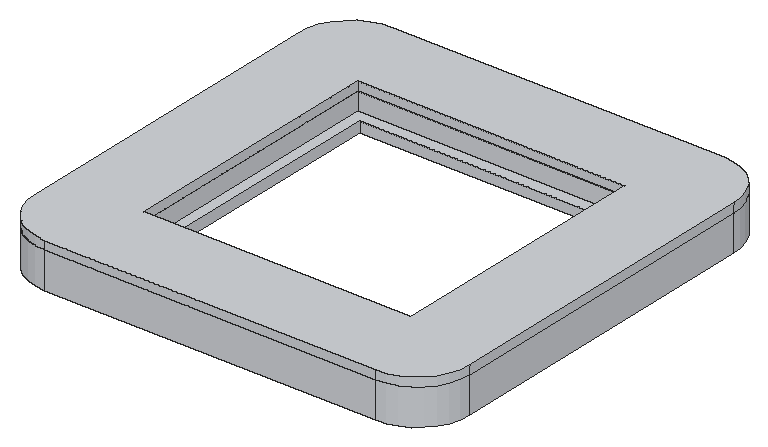
Revit family "Gira_0211421", category Electrical Fixtures, host Face, Revit 2017
Family settings
  Host = Face
  Maintain Annotation Orientation = No
  Round Connector Dimension = Use Diameter
  Part Type = Normal
  Cut with Voids When Loaded = No
  Shared = No
  Room Calculation Point = No
Parameters (values of type "Abdeckrahmen 1f Gira E3 Hellgrau/Anthrazit")
  Werkstoffgüte = "sonstige"
  Werkstoff = "sonstige"
  URL = "http://katalog.gira.de/de_DE/datenblatt.html?artikelnr=0211421"
  Transparent = "No"
  Textfeld/Beschriftungsfläche = "No"
  Schutzart (IP) = "IP20"
  Region = "DE"
  Oberfläche = "sonstige"
  Name = "Abdeckrahmen 1f Gira E3 Hellgrau/Anthrazit"
  Montagerichtung = "horizontal und vertikal"
  Mit Montagerahmen = "No"
  Mit Klappdeckel = "No"
  Manufacturer URL = "https://www.gira.de/"
  Keynote = "E3_Rahmen_1fach"
  HeinzeBIM = "https://bimportal.heinze.de/bim/abdeckrahmen-1f-gira-e3-hellgrau-anthrazit/e19c4986add7737079ec0175790d3e7bbee93e9c"
  Halogenfrei = "No"
  HAN = "0211421"
  Geeignet für Unterputz-Installation = "Yes"
  Geeignet für Unterflurkanaldose = "No"
  Geeignet für Geräteeinbaukanal = "No"
  Geeignet für Einbauinstallation = "No"
  GTIN = "4010337023838"
  Farbe = "grau"
  Default Elevation = 1219.2 mm
  Data sheet (1) = "https://katalog.gira.de/de_DE/download.html?artikelnr=0211421"
  Category = "Abdeckrahmen"
  Befestigungsart = "Klemmbefestigung"
  Available = "Yes"
  Anzahl der Einheiten vertikal = "1 "
  Anzahl der Einheiten horizontal = "1 "
  Anzahl der Einheiten = "1 "
Reference planes
  plane 1 "Center (Front/Back)": y = 0
  plane 2: z = 0
  plane 3 "Center (Left/Right)": x = 0
Forms (mm)
  Extrusion 1, solid, detail levels fine
    sketch origin (0, 0, 0) x (1, 0, 0) y (0, 1, 0)
      loop
        arc (-34.8, 45.809) -> (-42.585, 42.585) -> (-45.809, 34.8) r 11.009
        line (-45.809, 34.8) -> (-45.809, -34.8)
        arc (-45.809, -34.8) -> (-42.585, -42.585) -> (-34.8, -45.809) r 11.009
        line (-34.8, -45.809) -> (34.8, -45.809)
        arc (34.8, -45.809) -> (42.585, -42.585) -> (45.809, -34.8) r 11.009
        line (45.809, -34.8) -> (45.809, 34.8)
        arc (45.809, 34.8) -> (42.585, 42.585) -> (34.8, 45.809) r 11.009
        line (34.8, 45.809) -> (-34.8, 45.809)
      loop
        line (28.187, 28.156) -> (-28.187, 28.156) -> (-28.187, -28.156) -> (28.187, -28.156) -> (28.187, 28.156)
    from 7.65 to 9.5
  Extrusion 2, solid, detail levels fine
    sketch origin (0, 0, 0) x (1, 0, 0) y (0, 1, 0)
      loop
        line (25.7, 25.7) -> (-25.7, 25.7) -> (-25.7, -25.7) -> (25.7, -25.7) -> (25.7, 25.7)
      loop
        line (-28.187, -28.156) -> (28.187, -28.156) -> (28.187, 28.156) -> (-28.187, 28.156) -> (-28.187, -28.156)
    from 1.65 to 3.9
  Extrusion 3, solid, detail levels fine
    sketch origin (0, 0, 0) x (1, 0, 0) y (0, 1, 0)
      loop
        arc (-34.8, 45.809) -> (-42.585, 42.585) -> (-45.809, 34.8) r 11.009
        line (-45.809, 34.8) -> (-45.809, -34.8)
        arc (-45.809, -34.8) -> (-42.585, -42.585) -> (-34.8, -45.809) r 11.009
        line (-34.8, -45.809) -> (34.8, -45.809)
        arc (34.8, -45.809) -> (42.585, -42.585) -> (45.809, -34.8) r 11.009
        line (45.809, -34.8) -> (45.809, 34.8)
        arc (45.809, 34.8) -> (42.585, 42.585) -> (34.8, 45.809) r 11.009
        line (34.8, 45.809) -> (-34.8, 45.809)
      loop
        line (-43.843, 34.785) -> (-43.843, -34.785)
        arc (-43.843, -34.785) -> (-41.19, -41.19) -> (-34.785, -43.843) r 9.058
        line (-34.785, -43.843) -> (34.785, -43.843)
        arc (34.785, -43.843) -> (41.19, -41.19) -> (43.843, -34.785) r 9.058
        line (43.843, -34.785) -> (43.843, 34.785)
        arc (43.843, 34.785) -> (41.19, 41.19) -> (34.785, 43.843) r 9.058
        line (34.785, 43.843) -> (-34.785, 43.843)
        arc (-34.785, 43.843) -> (-41.19, 41.19) -> (-43.843, 34.785) r 9.058
    from 0 to 7.65
  Extrusion 4, solid, detail levels fine
    sketch origin (0, 0, 0) x (1, 0, 0) y (0, 1, 0)
      loop
        line (-27.337, -31.075) -> (27.337, -31.075)
        arc (27.337, -31.075) -> (29.98, -29.98) -> (31.075, -27.337) r 3.739
        line (31.075, -27.337) -> (31.075, 27.337)
        arc (31.075, 27.337) -> (29.98, 29.98) -> (27.337, 31.075) r 3.739
        line (27.337, 31.075) -> (-27.337, 31.075)
        arc (-27.337, 31.075) -> (-29.98, 29.98) -> (-31.075, 27.337) r 3.739
        line (-31.075, 27.337) -> (-31.075, -27.337)
        arc (-31.075, -27.337) -> (-29.98, -29.98) -> (-27.337, -31.075) r 3.739
      loop
        line (-29.925, 27.537) -> (-29.925, -27.537)
        arc (-29.925, -27.537) -> (-29.226, -29.226) -> (-27.537, -29.925) r 2.389
        line (-27.537, -29.925) -> (27.537, -29.925)
        arc (27.537, -29.925) -> (29.226, -29.226) -> (29.925, -27.537) r 2.389
        line (29.925, -27.537) -> (29.925, 27.537)
        arc (29.925, 27.537) -> (29.226, 29.226) -> (27.537, 29.925) r 2.389
        line (27.537, 29.925) -> (-27.537, 29.925)
        arc (-27.537, 29.925) -> (-29.226, 29.226) -> (-29.925, 27.537) r 2.389
    from 1.65 to 7.65
  Extrusion 5, solid, detail levels fine
    sketch origin (0, 0, 0) x (1, 0, 0) y (0, 1, 0)
      loop
        line (-32.053, -39.8) -> (32.053, -39.8)
        arc (32.053, -39.8) -> (37.667, -36.708) -> (39.9, -30.7) r 9.2
        line (39.9, -30.7) -> (39.9, 30.7)
        arc (39.9, 30.7) -> (37.205, 37.205) -> (30.7, 39.9) r 9.2
        line (30.7, 39.9) -> (-30.7, 39.9)
        arc (-30.7, 39.9) -> (-37.205, 37.205) -> (-39.9, 30.7) r 9.2
        line (-39.9, 30.7) -> (-39.9, -30.7)
        arc (-39.9, -30.7) -> (-37.667, -36.708) -> (-32.053, -39.8) r 9.2
      loop
        line (-30.7, -31.7) -> (30.7, -31.7)
        arc (30.7, -31.7) -> (31.407, -31.407) -> (31.7, -30.7) r 1
        line (31.7, -30.7) -> (31.7, 30.7)
        arc (31.7, 30.7) -> (31.407, 31.407) -> (30.7, 31.7) r 1
        line (30.7, 31.7) -> (-30.7, 31.7)
        arc (-30.7, 31.7) -> (-31.407, 31.407) -> (-31.7, 30.7) r 1
        line (-31.7, 30.7) -> (-31.7, -30.7)
        arc (-31.7, -30.7) -> (-31.407, -31.407) -> (-30.7, -31.7) r 1
    from 1.65 to 3.9
  Extrusion 6, solid, detail levels fine
    sketch origin (0, 0, 0) x (1, 0, 0) y (0, 1, 0)
      loop
        line (-28.187, 28.156) -> (-28.187, -28.156) -> (28.187, -28.156) -> (28.187, 28.156) -> (-28.187, 28.156)
      loop
        line (-29.925, 29.925) -> (-29.925, -29.925) -> (29.925, -29.925) -> (29.925, 29.925) -> (-29.925, 29.925)
    from 1.65 to 7.65
  Extrusion 7, solid, detail levels coarse+medium
    sketch origin (0, 0, 0) x (1, 0, 0) y (0, 1, 0)
      loop
        line (-45.809, 45.809) -> (-45.809, -45.809) -> (45.809, -45.809) -> (45.809, 45.809) -> (-45.809, 45.809)
    from 0 to 9.5
Lines and regions (mm)
  reference lines
    curve 1: line (0, 45.809, 0) -> (0, -45.809, 0)
Dimensions and locks
  aligned and locked: plane 2 to host face
  aligned and locked: level to host face
